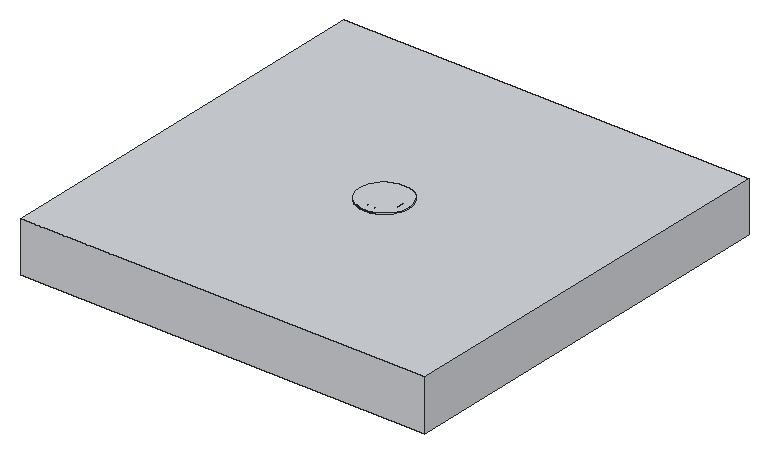
Revit family "Difusor de suprimento - Redondo - Hospedado", category Terminais de ar, Revit 2019
Family settings
  Hospedeiro = Face
  Cota do conector redondo = Usar raio
  Tipo de parte = Normal
  ID de item do Seek = Supply Diffuser - Hosted-0000-CAN-ENU
  Corte com vazios quando carregada = Não
  Compartilhado = Não
  Ponto de cálculo do ambiente = Não
Parameters (values of type "Padrão")
  Queda de pressão [instance] = 0.0 Pa
  Raio da lâmina 4 = Raio da grelha * 4 / 5  # 120 mm
  Raio da lâmina 3 = Raio da grelha * 3 / 5  # 90 mm
  Raio da lâmina 2 = Raio da grelha * 2 / 5  # 60 mm
  Raio da lâmina 1 = Raio da grelha * 1 / 5  # 30 mm
  Raio da grelha = Diâmetro da grelha / 2  # 150 mm
  Diâmetro da grelha = 300 mm
  Fluxo [instance] = 0.0 L/s
  Raio do duto = 75 mm
  Diâmetro do duto = Raio do duto * 2  # 150 mm
  Raio do difusor 2 = Raio do duto  # 75 mm
  Raio do difusor 1 = Diâmetro do difusor / 2  # 100 mm
  Material do difusor = none
  Altura do difusor = 35 mm
  Diâmetro do difusor = 200 mm
  Elevação-padrão = 1200 mm
  Assembly Code = ""
Reference planes
  plane 1 "Centro (frente/trás)": y = 0
  plane 2: z = 0
  plane 3 "Centro (direita/esquerda)": x = 0
  plane 4 "Superior": z = 0
  plane 5 "Inferior": z = -30
  plane 6 "Face da grelha": z = 5
Forms (mm)
  Extrusion 1, solid
    sketch origin (0, 0, 0) x (1, 0, 0) y (0, 1, 0)
      loop
        line (-1219.2, 1219.2) -> (-1219.2, -1219.2) -> (1219.2, -1219.2) -> (1219.2, 1219.2) -> (-1219.2, 1219.2)
    from 0 to -304.8
  Blend 2, solid, material <- "Material do difusor"
    base sketch origin (0, 0, 0) x (1, 0, 0) y (0, 1, 0)
      loop
        circle (0, 0) r 100
    top sketch origin (0, 0, 0) x (1, 0, 0) y (0, 1, 0)
      loop
        circle (0, 0) r 75
    from 0 to -30
  Extrusion 3, solid, material <- "Material do difusor"
    sketch origin (0, 0, 0) x (1, 0, 0) y (0, 1, 0)
      loop
        circle (0, 0) r 150
    from 0 to 5
Lines and regions (mm)
  model lines
    curve 1: circle (0, 0, 5) r 30 normal (0, 0, 1)
    curve 2: circle (0, 0, 5) r 60 normal (0, 0, 1)
    curve 3: circle (0, 0, 5) r 90 normal (0, 0, 1)
    curve 4: circle (0, 0, 5) r 120 normal (0, 0, 1)
Dimensions and locks
  locked: plane 6 "Face da grelha" to plane 4 "Superior" at 5
  "Altura do difusor": plane 6 "Face da grelha" to plane 5 "Inferior"
  "Raio do difusor 1": radius of Blend 2 sketch curve
  "Raio do difusor 2": radius of Blend 2 sketch curve
  "Raio da grelha": radius of Extrusion 3 sketch curve
  "Raio da lâmina 1": radius of curve 1
  "Raio da lâmina 2": radius of curve 2
  "Raio da lâmina 3": radius of curve 3
  "Raio da lâmina 4": radius of curve 4
  aligned and locked: plane 2 to Extrusion 1
  aligned and locked: level to Extrusion 1
  aligned and locked: Blend 2 to plane 4 "Superior"
  aligned and locked: Blend 2 to plane 5 "Inferior"
  aligned and locked: Extrusion 3 to plane 4 "Superior"
  aligned and locked: plane 6 "Face da grelha" to Extrusion 3
Automatic sketch dimensions
  Extrusion 1 sketch curve to Extrusion 1 sketch curve = 2438.4 mm  (x2)
  plane 1 "Centro (frente/trás)" to Blend 2 sketch curve = 0 mm  (x2)
  Blend 2 sketch curve to plane 3 "Centro (direita/esquerda)" = 0 mm  (x2)
  plane 1 "Centro (frente/trás)" to Extrusion 3 sketch curve = 0 mm
  Extrusion 3 sketch curve to plane 3 "Centro (direita/esquerda)" = 0 mm
  plane 1 "Centro (frente/trás)" to curve 1 = 0 mm
  curve 1 to plane 3 "Centro (direita/esquerda)" = 0 mm
  curve 1 to curve 2 = 0 mm  (x2)
  curve 1 to curve 3 = 0 mm  (x2)
  curve 1 to curve 4 = 0 mm  (x2)
Connectors
  hvac at (0, 0, -30), driven by "Queda de pressão", driven by "Fluxo", driven by "Raio do duto"
    settings: on Blend 2, index 1, duct flow 0.0 L/s, flow factor 0, pres drop 0.0 Pa, loss coef 0, conn angle 0.00°, conn width 304.8 mm, conn height 304.8 mm, conn diameter 150 mm, duct sys type 1, conn prof type 0, flow config 1, flow direction 1, loss method 4, conn ref index -1, conn util no, is conn primary yes, conn desc "Entrada de ar"
Types in the file's own list only (9): name | Raio da lâmina 4 | Raio da lâmina 3 | Raio da lâmina 2 | Raio da lâmina 1 | Raio da grelha | Diâmetro da grelha | Raio do duto | Diâmetro do duto | Raio do difusor 2 | Raio do difusor 1 | Diâmetro do difusor
  192mm | 98 mm | 73 mm | 49 mm | 24 mm | 122 mm | 244 mm | 75 mm | 150 mm | 75 mm | 96 mm | 192 mm
  248mm | 120 mm | 90 mm | 60 mm | 30 mm | 150 mm | 300 mm | 100 mm | 200 mm | 100 mm | 124 mm | 248 mm
  304mm | 142 mm | 107 mm | 71 mm | 36 mm | 178 mm | 356 mm | 125 mm | 250 mm | 125 mm | 152 mm | 304 mm
  360mm | 165 mm | 124 mm | 82 mm | 41 mm | 206 mm | 412 mm | 150 mm | 300 mm | 150 mm | 180 mm | 360 mm
  416mm | 187 mm | 140 mm | 94 mm | 47 mm | 234 mm | 468 mm | 178 mm | 355 mm | 178 mm | 208 mm | 416 mm
  476mm | 217 mm | 163 mm | 108 mm | 54 mm | 271 mm | 542 mm | 200 mm | 400 mm | 200 mm | 238 mm | 476 mm
  528mm | 239 mm | 179 mm | 120 mm | 60 mm | 299 mm | 598 mm | 225 mm | 450 mm | 225 mm | 264 mm | 528 mm
  584mm | 262 mm | 196 mm | 131 mm | 65 mm | 327 mm | 654 mm | 250 mm | 500 mm | 250 mm | 292 mm | 584 mm
  640mm | 284 mm | 213 mm | 142 mm | 71 mm | 355 mm | 710 mm | 280 mm | 560 mm | 280 mm | 320 mm | 640 mm
